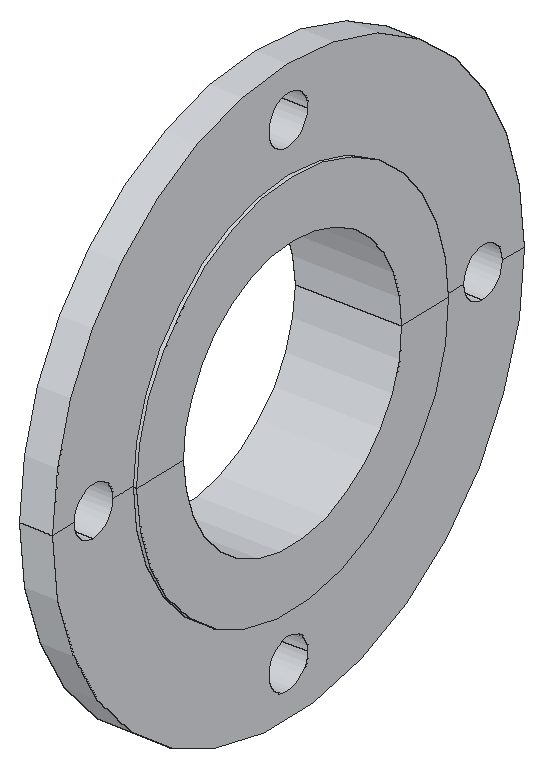
Revit family "PipeFitting_Flange_Table-D_CTS_100-250mm", category Pipe Fittings, Revit 2019
Family settings
  Round Connector Dimension = Use Radius
  Part Type = Flange
  OmniClass Number = 23.60.30.11.14
  OmniClass Title = Pipework Fittings
  Work Plane-Based = No
  Always vertical = Yes
  Cut with Voids When Loaded = No
  Shared = No
Parameters (values of type "Standard_Flange_Table-D_CTS_100_250mm")
  X [instance] = PitchCircleDiameter / 2 - BoltHoleDiameter  # 71 mm
  Uniformat IIElements = "TBC"
  URL = "www.reece.com.au"
  Type Comments = "CTS Copper Capillary Socket Fittings manufactured in accordance with AS 3688.  Adapters meet requirements of a maximum operating pressure of 1.4MPa where working temperature. Electrolysis Insulator made from EDPM rubber to prevent contact from Steel Backing Flange and Copper"
  SerialNumber [instance] = ""
  ProductCode [instance] = if(Size = 100 mm, "1001620", if(Size = 125 mm, "1001670", if(Size = 150 mm, "1001622", if(Size = 200 mm, "1001671", if(Size = 250 mm, "1001672", "ProductCode NA")))))  # "1001620"
  OmniclassProducts = "TBC"
  NATSPECWorkSection = "TBC"
  ModifiedIssue_ANZRS = 20130927.63
  Model Version = "2013-03"
  Model Status [instance] = ""
  Model Specification = "BMA"
  Mark [instance] = ""
  Lookup Table Name = "Flange_Table-D_CTS_100-250mm"
  FinalHHWFlow [instance] = 0.0 L/s
  Description = "T/D Powder Coated CTS Flange"
  CreatedBy_ANZRS = "A2K Technologies"
  CreatedByURL_ANZRS = "http://bimmepaus.com.au/"
  BoltHoleRadius [instance] = BoltHoleDiameter / 2  # 9 mm
  FlangeRadius [instance] = Size * 0.5  # 50 mm
  Size [instance] = 100 mm
  Model = "Standard_Flange_Table-D_CTS_100_250mm"
  Material = none
  Manufacturer = "Reece"
  EndToEndLength [instance] = size_lookup(Lookup Table Name, "E", 50 mm, Size)  # 39 mm
  FlangeThikness [instance] = size_lookup(Lookup Table Name, "D", 50 mm, Size)  # 12 mm
  HolesNumbers [instance] = if(Size > 100 mm, 8, 4)  # 4
  BoltHoleDiameter [instance] = size_lookup(Lookup Table Name, "C", 50 mm, Size)  # 18 mm
  PitchCircleRadius [instance] = PitchCircleDiameter / 2  # 89 mm
  PitchCircleDiameter [instance] = size_lookup(Lookup Table Name, "B", 50 mm, Size)  # 178 mm
  Assembly Code = "D2090800"
  FlangeOutSideRadius [instance] = FlangeOutSideDiameter / 2  # 107.5 mm
  FlangeOutSideDiameter [instance] = size_lookup(Lookup Table Name, "A", 50 mm, Size)  # 215 mm
Reference planes
  plane 1 "Center (Front/Back)": y = 0
  plane 2: z = 0
  plane 3 "Center (Left/Right)": x = 0
  plane 4 "Center": x = -12
  plane 5 "LHS": x = -37.4
  plane 6 "RHS": x = 1.6
Forms (mm)
  Revolve 1, solid, material <- "Material", detail levels fine
    sketch origin (0, 0, 0) x (1, 0, 0) y (0, 1, 0)
      loop
        line (-37.4, 50) -> (1.6, 50) -> (1.6, 71) -> (0, 71) -> (0, 107.5) -> (-12, 107.5) -> (-12, 51.6) -> (-37.4, 51.6) -> (-37.4, 50)
      axis (-37.4, 0) -> (1.6, 0)
    angle from 0 to 360
  Extrusion 2, void
    sketch origin (0, 0, -49.073) x (0, 1, 0) y (0, 0, 1)
      loop
        circle (0, 138.073) r 9
    from -55.803 to 30
  Extrusion 3, void
    sketch origin (0, 49.073, 0) x (0, 0, 1) y (0, -1, 0)
      loop
        circle (0, 138.073) r 9
    from -55.803 to 30
  Extrusion 4, void
    sketch origin (0, -49.073, 0) x (0, 0, -1) y (0, 1, 0)
      loop
        circle (0, 138.073) r 9
    from -55.803 to 30
  Extrusion 5, void
    sketch origin (0, 0, 49.073) x (0, -1, 0) y (0, 0, -1)
      loop
        circle (0, 138.073) r 9
    from -55.803 to 30
Cuts and joins
  Extrusion 2, Extrusion 3, Extrusion 4, Extrusion 5 cuts Revolve 1
Dimensions and locks
  "FlangeThikness": plane 4 "Center" to plane 3 "Center (Left/Right)"
  locked: plane 3 "Center (Left/Right)" to plane 6 "RHS" at 1.6
  "EndToEndLength": plane 5 "LHS" to plane 6 "RHS"
  "FlangeOutSideRadius": plane 1 "Center (Front/Back)" to Revolve 1 sketch curve
  "X": plane 1 "Center (Front/Back)" to Revolve 1 sketch curve
  locked: Revolve 1 sketch curve to Revolve 1 sketch curve at 1.6
  "FlangeRadius": plane 1 "Center (Front/Back)" to Revolve 1 sketch curve
  "BoltHoleRadius": radius of Extrusion 2 sketch curve
  "BoltHoleRadius": radius of Extrusion 3 sketch curve
  "BoltHoleRadius": radius of Extrusion 4 sketch curve
  "BoltHoleRadius": radius of Extrusion 5 sketch curve
  "PitchCircleRadius": radius of radial array
  aligned and locked: plane 2 to level
  aligned and locked: plane 5 "LHS" to Revolve 1 sketch curve
  aligned and locked: plane 4 "Center" to Revolve 1 sketch curve
  aligned and locked: Revolve 1 sketch curve to plane 3 "Center (Left/Right)"
  aligned and locked: plane 1 "Center (Front/Back)" to Revolve 1 sketch curve
  aligned and locked: plane 5 "LHS" to nested 1
  aligned and locked: nested 1 to plane 1 "Center (Front/Back)"
Automatic sketch dimensions
  Revolve 1 sketch curve to plane 5 "LHS" = 0 mm
  Revolve 1 sketch curve to plane 6 "RHS" = 0 mm  (x2)
Nested families
  nested 1: "Flange S" at (-11.4, 0, 0) x (-1, 0, 0) z (0, 0, 1), type "Flange S", detail levels coarse+medium
Connectors
  piping at (1.6, 0, 0), diameter 100, driven by "FlangeRadius"
    settings: on Revolve 1, index 1, connector inside diameter 100 mm, connector length 0 mm, flow factor 0, pipe flow 0.0 L/s, pressure drop 0.0 Pa, fitting loss kfactor 0, connector angle 0.00°, fixture units 0, engagement length 0 mm, angle of deflection 0.00°, flow configuration 0, flow direction 0, fitting loss method 0, system type 28, joint type 0, gender type 0, connector reference index 2, connector utility 0, adjustable connector no, is connector primary yes, connector description ""
  piping at (-12, 0, 0), diameter 100, driven by "FlangeRadius"
    settings: on Revolve 1, index 2, connector inside diameter 100 mm, connector length 0 mm, flow factor 0, pipe flow 0.0 L/s, pressure drop 0.0 Pa, fitting loss kfactor 0, connector angle 0.00°, fixture units 0, engagement length 0 mm, angle of deflection 0.00°, flow configuration 0, flow direction 0, fitting loss method 0, system type 28, joint type 0, gender type 0, connector reference index 1, connector utility 0, adjustable connector no, is connector primary no, connector description ""
Definition of nested family "Flange S"
  Parameters
    X = L / 3  # 220 mm
    W = 640 mm
    L = 660 mm
  Reference planes
    plane 1 "Center (Front/Back)": y = 0
    plane 2: z = 0
    plane 3 "Center (Left/Right)": x = 0
  Lines and regions (mm)
    model lines
      curve 1: line (0, -320, 0) -> (0, 320, 0)
      curve 2: line (-220, 0, 0) -> (440, 0, 0)
  Dimensions and locks
    "W": curve 1 to curve 1
    equal spacing: curve 1, plane 1 "Center (Front/Back)", curve 1
    "L": curve 2 to curve 2
    "X": curve 2 to plane 3 "Center (Left/Right)"
    aligned and locked: level to plane 2
  Automatic sketch dimensions
    curve 1 to plane 3 "Center (Left/Right)" = 0 mm
    plane 1 "Center (Front/Back)" to curve 2 = 0 mm
